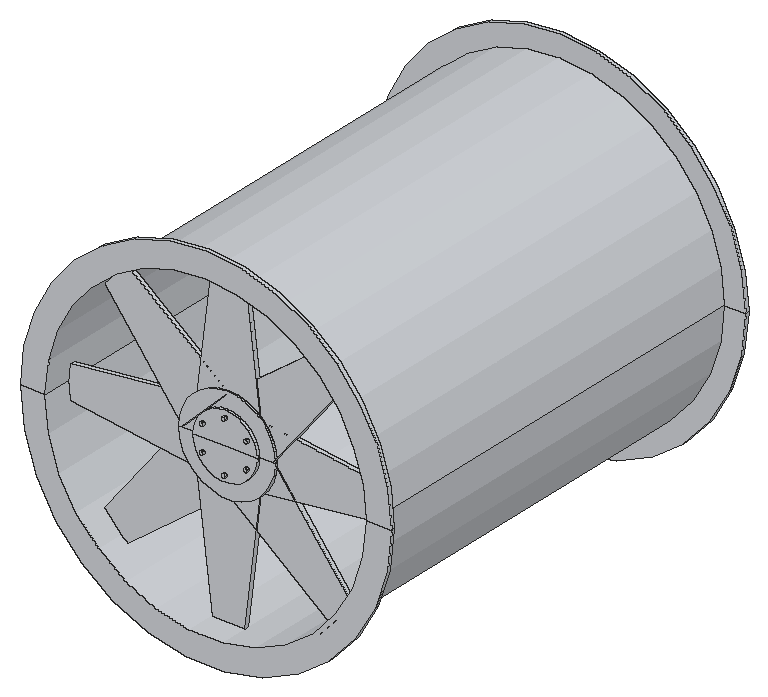
Revit family "CADS_Vent-Axia_MechEquip_Fan_BIFA_450_3Ph4P - SUPPLY", category Mechanical Equipment, Revit 2020
Family settings
  Round Connector Dimension = Use Diameter
  Part Type = Normal
  OmniClass Number = 23.75.00.00
  OmniClass Title = Climate Control (HVAC)
  Work Plane-Based = No
  Always vertical = Yes
  Cut with Voids When Loaded = No
  Shared = No
  Room Calculation Point = No
Parameters (values of type "BIFA453440")
  WorkingPressure = 0.0 Pa
  WarrantyStartDate [instance] = "1900-12-31T23:59:59"
  WarrantyPeriod = ""
  WarrantyIdentifier = "N/A"
  WarrantyGuarantorParts = "tech@vent-axia.com"
  WarrantyGuarantorLabor = "tech@vent-axia.com"
  WarrantyGuarantor = "Vent-Axia Limited"
  WarrantyEndDate [instance] = "1900-12-31T23:59:59"
  WarrantyContent = ""
  TemperatureRange = ""
  TagNumber [instance] = "N/A"
  SustainabilityPerformance = ""
  Status = "New"
  Size = ""
  Shape = ""
  ServiceLifeType = ""
  ServiceLifeDuration = ""
  SerialNumber [instance] = "N/A"
  ReplacementCost = ""
  RatedVoltage = 0 V
  RatedCurrent = 0 A
  Quantity = 1
  ProductionYear = ""
  PressureCurve = ""
  PowerFactor = ""
  PointOfContact = ""
  NumberOfPoles = 0
  NominalWidth = 450 mm
  NominalLength = 625 mm
  NominalHeight = 450 mm
  NominalFrequencyRange = ""
  NominalDiameter = 450 mm
  ModelReference = "BIF 450MM 3PH 4P 40DEG"
  ModelNumber = "BIFA453440"
  Material = ""
  ManufacturerE-Mail = "tech@vent-axia.com"
  ManufacturerAddress = "Fleming Way\nCrawley \nRH10 9YX"
  IsExtendedWarranty = no
  InsulationStandardClass = ""
  InstallationDate [instance] = "1900-12-31T23:59:59"
  IfcExportType [instance] = ""
  IfcExportAs = "IfcFanType"
  IP_Code = ""
  HasProtectiveEarth = no
  GrossWeight = 0.00 kg
  Grade = ""
  GlobalTradeItemNumber [instance] = "N/A"
  Fitting Type = "Ignore"
  Finish = ""
  Features = ""
  ExteriorInsulation = no
  ExpectedServiceLife = 0
  Exclusions = ""
  DurationUnit = "Year"
  Default Elevation = 0 mm
  Constituents = ""
  ConductorFunction = ""
  Color = ""
  CodePerformance = ""
  Category = ""
  CADS_Usage = 0
  CADS_Index = 0
  AssetType = "FIXED"
  AssetIdentifier [instance] = "N/A"
  AssemblyPlace = "UNKNOWN"
  ArticleNumber [instance] = "N/A"
  AirflowRateRange = 0.0 L/s
  Air Flow [instance] = 0.0 L/s
  AccessibilityPerformance = ""
Types (16, lengths in mm): name | ModelReference | ModelNumber
  BIFA453410 | "BIF 450MM 3PH 4P 10DEG" | "BIFA453410"
  BIFA453412 | "BIF 450MM 3PH 4P 12DEG" | "BIFA453412"
  BIFA453414 | "BIF 450MM 3PH 4P 14DEG" | "BIFA453414"
  BIFA453416 | "BIF 450MM 3PH 4P 16DEG" | "BIFA453416"
  BIFA453418 | "BIF 450MM 3PH 4P 18DEG" | "BIFA453418"
  BIFA453420 | "BIF 450MM 3PH 4P 20DEG" | "BIFA453420"
  BIFA453422 | "BIF 450MM 3PH 4P 22DEG" | "BIFA453422"
  BIFA453424 | "BIF 450MM 3PH 4P 24DEG" | "BIFA453424"
  BIFA453426 | "BIF 450MM 3PH 4P 26DEG" | "BIFA453426"
  BIFA453428 | "BIF 450MM 3PH 4P 28DEG" | "BIFA453428"
  BIFA453430 | "BIF 450MM 3PH 4P 30DEG" | "BIFA453430"
  BIFA453432 | "BIF 450MM 3PH 4P 32DEG" | "BIFA453432"
  BIFA453434 | "BIF 450MM 3PH 4P 34DEG" | "BIFA453434"
  BIFA453436 | "BIF 450MM 3PH 4P 36DEG" | "BIFA453436"
  BIFA453438 | "BIF 450MM 3PH 4P 38DEG" | "BIFA453438"
  BIFA453440 | "BIF 450MM 3PH 4P 40DEG" | "BIFA453440"
Reference planes
  plane 1 "Center (Front/Back)": y = 0
  plane 2: z = 0
  plane 3 "Center (Left/Right)": x = 0
  plane 4: x = -225
  plane 5: x = 225
  plane 6 "F": y = -312.5
  plane 7 "B": y = 312.5
  plane 8: x = -260
  plane 9: y = 307.5
  plane 10: y = -307.5
  plane 11: x = -230
  plane 12: y = -272.5
Forms (mm)
  Revolve 1, solid
    sketch origin (0, 0, 0) x (1, 0, 0) y (0, 1, 0)
      loop
        line (-260, -312.5) -> (-225, -312.5) -> (-225, 312.5) -> (-260, 312.5) -> (-260, 307.5) -> (-230, 307.5) -> (-230, -307.5) -> (-260, -307.5) -> (-260, -312.5)
      axis (0, 312.5) -> (0, -312.5)
    angle from 0 to 360
Dimensions and locks
  equal spacing: plane 4, plane 3 "Center (Left/Right)", plane 5
  equal spacing: plane 7 "B", plane 1 "Center (Front/Back)", plane 6 "F"
  "NominalLength": plane 7 "B" to plane 6 "F"
  "NominalDiameter": plane 4 to plane 5
  locked: plane 11 to plane 4 at 5
  locked: plane 8 to plane 11 at 30
  locked: plane 6 "F" to plane 10 at 5
  locked: plane 7 "B" to plane 9 at 5
  locked: plane 6 "F" to plane 12 at 40
  aligned and locked: level to plane 2
  aligned and locked: nested 1 to plane 12
Automatic sketch dimensions
  plane 6 "F" to Revolve 1 sketch curve = 0 mm
  Revolve 1 sketch curve to plane 8 = 0 mm  (x2)
  plane 10 to Revolve 1 sketch curve = 0 mm
  Revolve 1 sketch curve to plane 11 = 0 mm
  Revolve 1 sketch curve to plane 4 = 0 mm
  Revolve 1 sketch curve to plane 3 "Center (Left/Right)" = 0 mm
  plane 1 "Center (Front/Back)" to Revolve 1 sketch curve = 0 mm
  Revolve 1 sketch curve to plane 9 = 0 mm
  Revolve 1 sketch curve to plane 7 "B" = 0 mm
  plane 6 "F" to Revolve 1 sketch curve = 115 mm
Nested families
  nested 1: "Fan for BIFA" at (0, -272.5, 0), ND <- "NominalDiameter", type "Fan for BIFA"
    with hub 45 mm, ND 450 mm, BoltPCD 36 mm, Bolt Count 6, B_Diam 5 mm
  nested 2: "Bolts" at (31.177, -281.672, -18) x (-0.5, 0, -0.866) z (0, 1, 0), type "Bolts"
    with bd 5 mm
  nested 3: "Bolts" at (0, -281.672, -36) x (-1, 0, 0) z (0, 1, 0), type "Bolts"
    with bd 5 mm
  nested 4: "Bolts" at (-31.177, -281.672, -18) x (-0.5, 0, 0.866) z (0, 1, 0), type "Bolts"
    with bd 5 mm
  nested 5: "Bolts" at (-31.177, -281.672, 18) x (0.5, 0, 0.866) z (0, 1, 0), type "Bolts"
    with bd 5 mm
  nested 6: "Bolts" at (31.177, -281.672, 18) x (0.5, 0, -0.866) z (0, 1, 0), type "Bolts"
    with bd 5 mm
  nested 7: "Bolts" at (0, -281.672, 36) x (1, 0, 0) z (0, 1, 0), type "Bolts"
    with bd 5 mm
  nested 8: "BIFA Blade" at (0, -272.5, 0), type "BIFA Blade"
    with a 20.00°, HR 45 mm, HD 90 mm, BT 45 mm, BR 180 mm, BH 40 mm, BD 450 mm, BB 90 mm
  nested 9: "BIFA Blade" at (0, -272.5, 0) x (0.7071, 0, -0.7071) z (0.7071, 0, 0.7071), type "BIFA Blade"
    with a 20.00°, HR 45 mm, HD 90 mm, BT 45 mm, BR 180 mm, BH 40 mm, BD 450 mm, BB 90 mm
  nested 10: "BIFA Blade" at (0, -272.5, 0) x (0, 0, -1) z (1, 0, 0), type "BIFA Blade"
    with a 20.00°, HR 45 mm, HD 90 mm, BT 45 mm, BR 180 mm, BH 40 mm, BD 450 mm, BB 90 mm
  nested 11: "BIFA Blade" at (0, -272.5, 0) x (-0.7071, 0, -0.7071) z (0.7071, 0, -0.7071), type "BIFA Blade"
    with a 20.00°, HR 45 mm, HD 90 mm, BT 45 mm, BR 180 mm, BH 40 mm, BD 450 mm, BB 90 mm
  nested 12: "BIFA Blade" at (0, -272.5, 0) x (-1, 0, 0) z (0, 0, -1), type "BIFA Blade"
    with a 20.00°, HR 45 mm, HD 90 mm, BT 45 mm, BR 180 mm, BH 40 mm, BD 450 mm, BB 90 mm
  nested 13: "BIFA Blade" at (0, -272.5, 0) x (-0.7071, 0, -0.7071) z (-0.7071, 0, 0.7071), type "BIFA Blade"
    with a 20.00°, HR 45 mm, HD 90 mm, BT 45 mm, BR 180 mm, BH 40 mm, BD 450 mm, BB 90 mm
  nested 14: "BIFA Blade" at (0, -272.5, 0) x (0, 0, -1) z (-1, 0, 0), type "BIFA Blade"
    with a 20.00°, HR 45 mm, HD 90 mm, BT 45 mm, BR 180 mm, BH 40 mm, BD 450 mm, BB 90 mm
  nested 15: "BIFA Blade" at (0, -272.5, 0) x (0.7071, 0, -0.7071) z (-0.7071, 0, -0.7071), type "BIFA Blade"
    with a 20.00°, HR 45 mm, HD 90 mm, BT 45 mm, BR 180 mm, BH 40 mm, BD 450 mm, BB 90 mm
Connectors
  hvac at (0, -312.5, 0), driven by "NominalDiameter", driven by "Air Flow"
    settings: on Revolve 1, index 1, duct flow 0.0 L/s, flow factor 0, pres drop 0.0 Pa, loss coef 0, conn angle 0.00°, conn width 304.8 mm, conn height 304.8 mm, conn diameter 450 mm, duct sys type 1, conn prof type 0, flow config 1, flow direction 1, loss method 0, conn ref index -1, conn util no, is conn primary yes, conn desc ""
  hvac at (0, 312.5, 0), driven by "NominalDiameter", driven by "Air Flow"
    settings: on Revolve 1, index 2, duct flow 0.0 L/s, flow factor 0, pres drop 0.0 Pa, loss coef 0, conn angle 0.00°, conn width 304.8 mm, conn height 304.8 mm, conn diameter 450 mm, duct sys type 1, conn prof type 0, flow config 0, flow direction 2, loss method 0, conn ref index -1, conn util no, is conn primary no, conn desc ""
Definition of nested family "Fan for BIFA"
  Parameters (values of type "Fan for BIFA")
    hub [instance] = ND / 10  # 50 mm
    ND [instance] = 500 mm
    Model = "."
    Default Elevation = 0 mm
    BoltPCD [instance] = hub - (hub * 0.2)  # 40 mm
    Bolt Count [instance] = if(hub < 50 mm, 6, 8)  # 8
    B_Diam [instance] = if(hub < 50 mm, 5 mm, 10 mm)  # 10 mm
  Reference planes
    plane 1 "Center (Front/Back)": y = 0
    plane 2: z = 0
    plane 3 "Center (Left/Right)": x = 0
    plane 4 "back": y = 20
    plane 5 "bolts": y = -9.172
    plane 6 "B": z = 50
    plane 7: x = -72.587
    plane 8: x = -50
    plane 9 "hubface": y = -6.172
  Forms (mm)
    Revolve 1, solid
      sketch origin (0, 0, 0) x (1, 0, 0) y (0, 1, 0)
        loop
          line (0, 20) -> (-50, 20) -> (-50, 10.504) -> (-72.587, 10.504) -> (-72.587, -2.597) -> (-50, -2.597) -> (-50, -6.172) -> (0, -6.172) -> (0, 20)
        axis (0, 20) -> (0, -6.172)
      angle from 0 to 360
    Extrusion 2, solid, not visible
      sketch origin (0, -6.347, -4) x (-1, 0, 0) y (0, 0, 1)
        loop
          circle (0, 84) r 5
      from 0 to 3
  Lines and regions (mm)
    symbolic lines
      curve 1: circle (0, -9.172, 0) r 40 normal (0, 1, 0)
    model lines, not visible
      curve 2: line (0, -6.347, 85) -> (0, -6.347, 75)
  Dimensions and locks
    "hub": plane 6 "B" to plane 2
    "hub": nested 3 to plane 3 "Center (Left/Right)"
    "hub": nested 4 to plane 3 "Center (Left/Right)"
    "hub": nested 5 to plane 3 "Center (Left/Right)"
    "hub": plane 3 "Center (Left/Right)" to nested 6
    "hub": Revolve 1 sketch curve to Revolve 1 sketch curve
    "hub": plane 3 "Center (Left/Right)" to nested 7
    "hub": plane 3 "Center (Left/Right)" to nested 8
    "hub": plane 3 "Center (Left/Right)" to nested 9
    "hub": plane 8 to plane 3 "Center (Left/Right)"
    plane 7 to plane 8 = 22.587 mm
    diameter of Extrusion 2 sketch curve = 10 mm
    "BoltPCD": radius of curve 1
    "BoltPCD": radius of radial array
    aligned and locked: level to plane 2
    aligned and locked: plane 6 "B" to nested 1
  Automatic sketch dimensions
    Revolve 1 sketch curve to plane 7 = 0 mm
    Revolve 1 sketch curve to plane 8 = 0 mm  (x2)
    Revolve 1 sketch curve to plane 3 "Center (Left/Right)" = 0 mm
    Revolve 1 sketch curve to plane 9 "hubface" = 0 mm
    plane 4 "back" to Revolve 1 sketch curve = 0 mm
    plane 1 "Center (Front/Back)" to Revolve 1 sketch curve = 2.597 mm
    plane 4 "back" to Revolve 1 sketch curve = 9.496 mm
    plane 4 "back" to Revolve 1 sketch curve = 5 mm
    Revolve 1 sketch curve to Revolve 1 sketch curve = 45 mm
    curve 1 to level = 0 mm
    curve 1 to plane 3 "Center (Left/Right)" = 0 mm
  Nested families
    nested 1: "BIFA Blade" at (0, 0, 25), BD <- "ND", HD <- "hub", type "BIFA Blade"
      with a 20.00°, HR 25 mm, HD 50 mm, BT 25 mm, BR 100 mm, BH 40 mm, BD 250 mm, BB 50 mm
    nested 2: "BIFA Blade" at (0, 0, 55), BD <- "ND", HD <- "hub", type "BIFA Blade", not visible
      with a 20.00°, HR 25 mm, HD 50 mm, BT 25 mm, BR 100 mm, BH 40 mm, BD 250 mm, BB 50 mm
    nested 3: "BIFA Blade" at (17.678, 0, 17.678) x (0.7071, 0, -0.7071) z (0.7071, 0, 0.7071), BD <- "ND", HD <- "hub", type "BIFA Blade"
      with a 20.00°, HR 25 mm, HD 50 mm, BT 25 mm, BR 100 mm, BH 40 mm, BD 250 mm, BB 50 mm
    nested 4: "BIFA Blade" at (25, 0, 0) x (0, 0, -1) z (1, 0, 0), BD <- "ND", HD <- "hub", type "BIFA Blade"
      with a 20.00°, HR 25 mm, HD 50 mm, BT 25 mm, BR 100 mm, BH 40 mm, BD 250 mm, BB 50 mm
    nested 5: "BIFA Blade" at (17.678, 0, -17.678) x (-0.7071, 0, -0.7071) z (0.7071, 0, -0.7071), BD <- "ND", HD <- "hub", type "BIFA Blade"
      with a 20.00°, HR 25 mm, HD 50 mm, BT 25 mm, BR 100 mm, BH 40 mm, BD 250 mm, BB 50 mm
    nested 6: "BIFA Blade" at (0, 0, -25) x (-1, 0, 0) z (0, 0, -1), BD <- "ND", HD <- "hub", type "BIFA Blade"
      with a 20.00°, HR 25 mm, HD 50 mm, BT 25 mm, BR 100 mm, BH 40 mm, BD 250 mm, BB 50 mm
    nested 7: "BIFA Blade" at (-17.678, 0, 17.678) x (-0.7071, 0, -0.7071) z (-0.7071, 0, 0.7071), BD <- "ND", HD <- "hub", type "BIFA Blade"
      with a 20.00°, HR 25 mm, HD 50 mm, BT 25 mm, BR 100 mm, BH 40 mm, BD 250 mm, BB 50 mm
    nested 8: "BIFA Blade" at (-25, 0, 0) x (0, 0, -1) z (-1, 0, 0), BD <- "ND", HD <- "hub", type "BIFA Blade"
      with a 20.00°, HR 25 mm, HD 50 mm, BT 25 mm, BR 100 mm, BH 40 mm, BD 250 mm, BB 50 mm
    nested 9: "BIFA Blade" at (-17.678, 0, -17.678) x (0.7071, 0, -0.7071) z (-0.7071, 0, -0.7071), BD <- "ND", HD <- "hub", type "BIFA Blade"
      with a 20.00°, HR 25 mm, HD 50 mm, BT 25 mm, BR 100 mm, BH 40 mm, BD 250 mm, BB 50 mm
    nested 10: "Bolts" at (0, -9.172, 40) x (1, 0, 0) z (0, 1, 0), bd <- "B_Diam", type "Bolts"
      with bd 10 mm
    nested 11: "Bolts" at (28.284, -9.172, 28.284) x (0.7071, 0, -0.7071) z (0, 1, 0), bd <- "B_Diam", type "Bolts"
      with bd 10 mm
    nested 12: "Bolts" at (-28.284, -9.172, 28.284) x (0.7071, 0, 0.7071) z (0, 1, 0), bd <- "B_Diam", type "Bolts"
      with bd 10 mm
    nested 13: "Bolts" at (-40, -9.172, 0) x (0, 0, 1) z (0, 1, 0), bd <- "B_Diam", type "Bolts"
      with bd 10 mm
    nested 14: "Bolts" at (-28.284, -9.172, -28.284) x (-0.7071, 0, 0.7071) z (0, 1, 0), bd <- "B_Diam", type "Bolts"
      with bd 10 mm
    nested 15: "Bolts" at (0, -9.172, -40) x (-1, 0, 0) z (0, 1, 0), bd <- "B_Diam", type "Bolts"
      with bd 10 mm
    nested 16: "Bolts" at (28.284, -9.172, -28.284) x (-0.7071, 0, -0.7071) z (0, 1, 0), bd <- "B_Diam", type "Bolts"
      with bd 10 mm
    nested 17: "Bolts" at (40, -9.172, 0) x (0, 0, -1) z (0, 1, 0), bd <- "B_Diam", type "Bolts"
      with bd 10 mm
  Definition of nested family "BIFA Blade"
    Parameters (values of type "BIFA Blade")
      a [instance] = 20.00°
      HR [instance] = HD / 2  # 30 mm
      HD [instance] = BD / 5  # 60 mm
      Default Elevation = 1219.2 mm
      BT [instance] = BD / 10  # 30 mm
      BR [instance] = (BD / 2) - HR  # 120 mm
      BH [instance] = 40 mm
      BD [instance] = 300 mm
      BB [instance] = BD / 5  # 60 mm
    Reference planes
      plane 1 "Center (Front/Back)": y = 0
      plane 2: z = 0
      plane 3 "Center (Left/Right)": x = 0
      plane 4 "Blade Bot": z = 30
      plane 5: x = -30
      plane 6: x = 30
      plane 7: x = -15
      plane 8: x = 15
    Forms (mm)
      Blend 1, solid
        base sketch origin (0, 0, 30) x (-1, 0, 0) y (0, -1, 0)
          loop
            line (30, 0) -> (-30, 0) -> (-30, -6) -> (30, -6) -> (30, 0)
        top sketch origin (0, 0, 30) x (-1, 0, 0) y (0, -1, 0)
          loop
            line (15, -6) -> (15, 0) -> (-15, 0) -> (-15, -6) -> (15, -6)
        from 0 to 120 <- "BR"
    Dimensions and locks
      "HR": plane 4 "Blade Bot" to level
      equal spacing: plane 8, plane 3 "Center (Left/Right)", plane 7
      "BT": plane 8 to plane 7
      equal spacing: plane 6, plane 3 "Center (Left/Right)", plane 5
      "BB": plane 6 to plane 5
      aligned and locked: level to plane 2
    Automatic sketch dimensions
      plane 1 "Center (Front/Back)" to Blend 1 sketch curve = 0 mm  (x2)
      Blend 1 sketch curve to plane 6 = 0 mm
      Blend 1 sketch curve to plane 5 = 0 mm
      Blend 1 sketch curve to plane 1 "Center (Front/Back)" = 6 mm  (x2)
      Blend 1 sketch curve to plane 8 = 0 mm
      Blend 1 sketch curve to plane 7 = 0 mm
  Definition of nested family "Bolts"
    Parameters
      bd [instance] = 10 mm
      Default Elevation = 1219.2 mm
    Reference planes
      plane 1 "Center (Front/Back)": y = 0
      plane 2: z = 0
      plane 3 "Center (Left/Right)": x = 0
    Forms (mm)
      Extrusion 1, solid
        sketch origin (0, 0, 0) x (1, 0, 0) y (0, 1, 0)
          loop
            line (-1219.2, 1219.2) -> (-1219.2, -1219.2) -> (1219.2, -1219.2) -> (1219.2, 1219.2) -> (-1219.2, 1219.2)
        from 0 to -304.8
      Extrusion 2, solid
        sketch origin (0, 0, 0) x (1, 0, 0) y (0, 1, 0)
          loop
            circle (0, 0) r 5
        from 0 to 3
    Dimensions and locks
      "bd": diameter of Extrusion 2 sketch curve
      aligned and locked: plane 2 to Extrusion 1
      aligned and locked: level to Extrusion 1
    Automatic sketch dimensions
      Extrusion 1 sketch curve to Extrusion 1 sketch curve = 2438.4 mm  (x2)
      plane 1 "Center (Front/Back)" to Extrusion 2 sketch curve = 0 mm
      Extrusion 2 sketch curve to plane 3 "Center (Left/Right)" = 0 mm
Definition of nested family "Bolts"
  Parameters
    bd [instance] = 10 mm
    Default Elevation = 1219.2 mm
  Reference planes
    plane 1 "Center (Front/Back)": y = 0
    plane 2: z = 0
    plane 3 "Center (Left/Right)": x = 0
  Forms (mm)
    Extrusion 1, solid
      sketch origin (0, 0, 0) x (1, 0, 0) y (0, 1, 0)
        loop
          line (-1219.2, 1219.2) -> (-1219.2, -1219.2) -> (1219.2, -1219.2) -> (1219.2, 1219.2) -> (-1219.2, 1219.2)
      from 0 to -304.8
    Extrusion 2, solid
      sketch origin (0, 0, 0) x (1, 0, 0) y (0, 1, 0)
        loop
          circle (0, 0) r 5
      from 0 to 3
  Dimensions and locks
    "bd": diameter of Extrusion 2 sketch curve
    aligned and locked: plane 2 to Extrusion 1
    aligned and locked: level to Extrusion 1
  Automatic sketch dimensions
    Extrusion 1 sketch curve to Extrusion 1 sketch curve = 2438.4 mm  (x2)
    plane 1 "Center (Front/Back)" to Extrusion 2 sketch curve = 0 mm
    Extrusion 2 sketch curve to plane 3 "Center (Left/Right)" = 0 mm
Definition of nested family "BIFA Blade"
  Parameters (values of type "BIFA Blade")
    a [instance] = 20.00°
    HR [instance] = HD / 2  # 30 mm
    HD [instance] = BD / 5  # 60 mm
    Default Elevation = 1219.2 mm
    BT [instance] = BD / 10  # 30 mm
    BR [instance] = (BD / 2) - HR  # 120 mm
    BH [instance] = 40 mm
    BD [instance] = 300 mm
    BB [instance] = BD / 5  # 60 mm
  Reference planes
    plane 1 "Center (Front/Back)": y = 0
    plane 2: z = 0
    plane 3 "Center (Left/Right)": x = 0
    plane 4 "Blade Bot": z = 30
    plane 5: x = -30
    plane 6: x = 30
    plane 7: x = -15
    plane 8: x = 15
  Forms (mm)
    Blend 1, solid
      base sketch origin (0, 0, 30) x (-1, 0, 0) y (0, -1, 0)
        loop
          line (30, 0) -> (-30, 0) -> (-30, -6) -> (30, -6) -> (30, 0)
      top sketch origin (0, 0, 30) x (-1, 0, 0) y (0, -1, 0)
        loop
          line (15, -6) -> (15, 0) -> (-15, 0) -> (-15, -6) -> (15, -6)
      from 0 to 120 <- "BR"
  Dimensions and locks
    "HR": plane 4 "Blade Bot" to level
    equal spacing: plane 8, plane 3 "Center (Left/Right)", plane 7
    "BT": plane 8 to plane 7
    equal spacing: plane 6, plane 3 "Center (Left/Right)", plane 5
    "BB": plane 6 to plane 5
    aligned and locked: level to plane 2
  Automatic sketch dimensions
    plane 1 "Center (Front/Back)" to Blend 1 sketch curve = 0 mm  (x2)
    Blend 1 sketch curve to plane 6 = 0 mm
    Blend 1 sketch curve to plane 5 = 0 mm
    Blend 1 sketch curve to plane 1 "Center (Front/Back)" = 6 mm  (x2)
    Blend 1 sketch curve to plane 8 = 0 mm
    Blend 1 sketch curve to plane 7 = 0 mm
